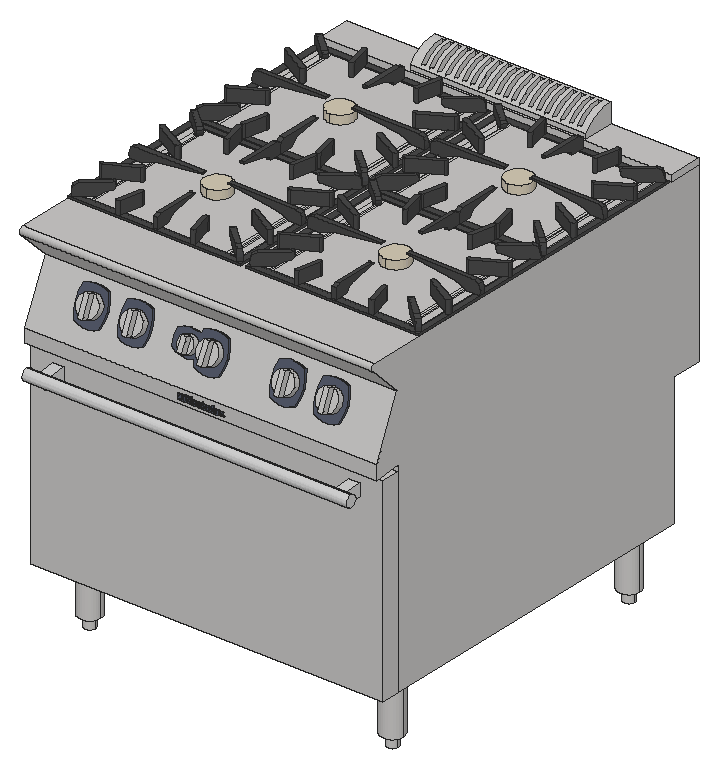
Revit family "QF_ELECTROLUXPROFESSIONAL_391521_E9AAMABBMEE", category Attrezzature speciali, Revit 2018 (continued)
Automatic sketch dimensions
  Extrusion 12 sketch curve to Extrusion 12 sketch curve = 0.137 mm
  Extrusion 12 sketch curve to Extrusion 12 sketch curve = 0.027 mm
  Extrusion 12 sketch curve to Extrusion 12 sketch curve = 2.235 mm
  Extrusion 13 sketch curve to Extrusion 1 = 0 mm
  Extrusion 1 to Extrusion 13 sketch curve = 9.61 mm
  Extrusion 13 sketch curve to Extrusion 1 = 0.775 mm
  Extrusion 1 to Extrusion 13 sketch curve = 0.1 mm
  Extrusion 15 sketch curve to plane 12 = 298.908 mm
  plane 5 "FRONT" to Extrusion 15 sketch curve = 18.336 mm
  Extrusion 15 sketch curve to Extrusion 15 sketch curve = 3.343 mm
  Extrusion 15 sketch curve to Extrusion 15 sketch curve = 2.066 mm
  Extrusion 15 sketch curve to Extrusion 15 sketch curve = 0 mm  (x2)
  Extrusion 15 sketch curve to Extrusion 15 sketch curve = 1.593 mm
  Extrusion 15 sketch curve to Extrusion 15 sketch curve = 5.756 mm
  Extrusion 15 sketch curve to Extrusion 15 sketch curve = 4.906 mm
  Extrusion 15 sketch curve to Extrusion 15 sketch curve = 5.312 mm
  plane 5 "FRONT" to Extrusion 15 sketch curve = 9.206 mm
  Extrusion 15 sketch curve to Extrusion 15 sketch curve = 11.3 mm
  Extrusion 15 sketch curve to Extrusion 15 sketch curve = 28.009 mm
  Extrusion 15 sketch curve to Extrusion 15 sketch curve = 2.83 mm
  Extrusion 16 sketch curve to plane 12 = 298.908 mm
  plane 5 "FRONT" to Extrusion 16 sketch curve = 18.336 mm
  Extrusion 16 sketch curve to Extrusion 16 sketch curve = 3.343 mm
  Extrusion 16 sketch curve to Extrusion 16 sketch curve = 2.066 mm
  Extrusion 16 sketch curve to Extrusion 16 sketch curve = 0 mm  (x2)
  Extrusion 16 sketch curve to Extrusion 16 sketch curve = 1.593 mm
  Extrusion 16 sketch curve to Extrusion 16 sketch curve = 5.756 mm
  Extrusion 16 sketch curve to Extrusion 16 sketch curve = 4.906 mm
  Extrusion 16 sketch curve to Extrusion 16 sketch curve = 5.312 mm
  plane 5 "FRONT" to Extrusion 16 sketch curve = 9.206 mm
  Extrusion 16 sketch curve to Extrusion 16 sketch curve = 11.3 mm
  Extrusion 16 sketch curve to Extrusion 16 sketch curve = 28.009 mm
  Extrusion 16 sketch curve to Extrusion 16 sketch curve = 11.2 mm
  plane 5 "FRONT" to Extrusion 19 sketch curve = 0 mm  (x2)
  plane 1 "BACK" to Extrusion 19 sketch curve = 0 mm
  Extrusion 19 sketch curve to plane 3 "LEFT" = 0 mm
  Extrusion 19 sketch curve to plane 4 "RIGHT" = 0 mm
  Extrusion 19 sketch curve to plane 3 "LEFT" = 100.013 mm
  Extrusion 19 sketch curve to Extrusion 19 sketch curve = 100.013 mm
  Extrusion 19 sketch curve to plane 1 "BACK" = 100.013 mm
  Extrusion 13 to Extrusion 17 sketch curve = 0 mm
  Extrusion 17 sketch curve to Extrusion 13 = 0 mm
  Extrusion 13 to Extrusion 17 sketch curve = 0.002 mm
  Extrusion 13 to Extrusion 17 sketch curve = 9.686 mm
  Extrusion 17 sketch curve to Extrusion 13 = 11.396 mm
  Extrusion 1 sketch curve to plane 5 "FRONT" = 7.973 mm
  Extrusion 1 sketch curve to plane 5 "FRONT" = 13.51 mm
  plane 14 to Extrusion 1 sketch curve = 57.381 mm
  Extrusion 15 sketch curve to plane 5 "FRONT" = 29.472 mm
  Extrusion 16 sketch curve to plane 5 "FRONT" = 29.472 mm
  plane 4 "RIGHT" to Revolve 3 sketch curve = 55.563 mm
  Revolve 3 sketch curve to Revolve 3 sketch curve = 0 mm
  plane 4 "RIGHT" to Revolve 4 sketch curve = 55.562 mm
  Revolve 4 sketch curve to Revolve 4 sketch curve = 0 mm
  Extrusion 9 sketch curve to Extrusion 9 sketch curve = 15.898 mm  (x2)
  plane 3 "LEFT" to Revolve 2 sketch curve = 30.162 mm
  Revolve 2 sketch curve to Revolve 2 sketch curve = 0 mm
  plane 3 "LEFT" to Revolve 5 sketch curve = 55.563 mm
  Revolve 5 sketch curve to Revolve 5 sketch curve = 0 mm
  Revolve 5 sketch curve to Revolve 5 sketch curve = 12.7 mm
  Revolve 5 sketch curve to Revolve 5 sketch curve = 25.4 mm
  Extrusion 9 sketch curve to Extrusion 9 sketch curve = 33.814 mm
  plane 5 "FRONT" to curve 1 = 0 mm
  curve 11 to plane 3 "LEFT" = 0 mm
  curve 8 to plane 4 "RIGHT" = 0 mm
  plane 5 "FRONT" to curve 11 = 0 mm
  curve 1 to plane 3 "LEFT" = 100.013 mm
  plane 4 "RIGHT" to curve 9 = 0.1 mm
  curve 2 to plane 4 "RIGHT" = 100.013 mm
  plane 17 to curve 9 = 0.132 mm
  curve 3 to plane 5 "FRONT" = 0.396 mm
  curve 10 to plane 5 "FRONT" = 1.407 mm
  plane 11 to curve 7 = 4.762 mm
  curve 2 to plane 1 "BACK" = 100.013 mm
  plane 19 to curve 13 = 25.075 mm
  plane 19 to curve 19 = 5.2 mm
  curve 22 to plane 19 = 20.2 mm
  curve 17 to plane 18 = 20.2 mm
  plane 18 to curve 23 = 5.2 mm
  plane 5 "FRONT" to curve 15 = 7.706 mm
  curve 15 to curve 15 = 19.875 mm
  curve 12 to curve 15 = 25.4 mm
  curve 17 to curve 17 = 23.508 mm
  curve 12 to curve 20 = 9.598 mm
  curve 18 to curve 17 = 7.706 mm
  curve 19 to curve 20 = 7.706 mm
  plane 1 "BACK" to curve 24 = 0 mm
  curve 24 to plane 19 = 144 mm
  plane 1 "BACK" to curve 105 = 6.761 mm
  curve 24 to curve 105 = 20.698 mm
  curve 104 to curve 103 = 9.296 mm
  curve 103 to curve 102 = 9.397 mm
  curve 100 to curve 99 = 9.296 mm
  curve 99 to curve 97 = 9.397 mm
  curve 97 to curve 98 = 9.296 mm
  curve 95 to curve 93 = 9.397 mm
  curve 93 to curve 94 = 9.296 mm
  curve 91 to curve 90 = 9.397 mm
  curve 89 to curve 87 = 9.296 mm
  curve 87 to curve 85 = 9.397 mm
  curve 84 to curve 84 = 9.296 mm
  curve 83 to curve 80 = 9.397 mm
  curve 81 to curve 82 = 9.296 mm
  curve 79 to curve 78 = 9.397 mm
  curve 76 to curve 76 = 9.296 mm
  curve 75 to curve 72 = 9.397 mm
  curve 72 to curve 72 = 9.296 mm
  curve 71 to curve 68 = 9.397 mm
  curve 67 to plane 7 "Center Y" = 1.823 mm
  plane 7 "Center Y" to curve 65 = 7.574 mm
  curve 64 to curve 64 = 9.296 mm
  curve 63 to curve 61 = 9.397 mm
  curve 61 to curve 59 = 9.296 mm
  curve 59 to curve 57 = 9.397 mm
  curve 57 to curve 55 = 9.296 mm
  curve 55 to curve 53 = 9.397 mm
  curve 53 to curve 51 = 9.296 mm
  curve 51 to curve 48 = 9.397 mm
  curve 49 to curve 47 = 9.296 mm
  curve 47 to curve 45 = 9.397 mm
  curve 45 to curve 46 = 9.296 mm
  curve 43 to curve 41 = 9.397 mm
  curve 41 to curve 42 = 9.296 mm
  curve 39 to curve 37 = 9.397 mm
  curve 37 to curve 38 = 9.296 mm
  curve 35 to curve 32 = 9.397 mm
  curve 33 to curve 31 = 9.296 mm
  curve 31 to curve 28 = 9.397 mm
  curve 29 to curve 27 = 9.296 mm
  curve 30 to curve 26 = 14.847 mm
  plane 11 to curve 26 = 11.113 mm
  plane 11 to curve 104 = 17.052 mm
  plane 11 to curve 100 = 17.052 mm
  curve 100 to curve 96 = 0 mm
  curve 25 to curve 27 = 5.939 mm
  curve 95 to curve 93 = 0 mm
  curve 31 to curve 28 = 0 mm
  curve 91 to curve 89 = 0 mm
  curve 35 to curve 32 = 0 mm
  curve 87 to curve 85 = 0 mm
  curve 39 to curve 36 = 0 mm
  curve 83 to curve 81 = 0 mm
  curve 43 to curve 40 = 0 mm
  curve 79 to curve 77 = 0 mm
  curve 47 to curve 44 = 0 mm
  curve 75 to curve 73 = 0 mm
  curve 51 to curve 48 = 0 mm
  curve 71 to curve 69 = 0 mm
  curve 55 to curve 52 = 0 mm
  curve 67 to curve 65 = 0 mm
  curve 59 to curve 56 = 0 mm
  plane 1 "BACK" to curve 62 = 6.761 mm
  plane 1 "BACK" to curve 63 = 6.761 mm
  plane 1 "BACK" to curve 58 = 6.761 mm
  plane 1 "BACK" to curve 54 = 6.761 mm
  plane 1 "BACK" to curve 69 = 6.761 mm
  plane 1 "BACK" to curve 71 = 6.761 mm
  plane 1 "BACK" to curve 50 = 6.761 mm
  plane 1 "BACK" to curve 75 = 6.761 mm
  plane 1 "BACK" to curve 46 = 6.761 mm
  plane 1 "BACK" to curve 79 = 6.761 mm
  plane 1 "BACK" to curve 42 = 6.761 mm
  plane 1 "BACK" to curve 38 = 6.761 mm
  plane 1 "BACK" to curve 85 = 6.761 mm
  plane 1 "BACK" to curve 34 = 6.761 mm
  plane 1 "BACK" to curve 89 = 6.761 mm
  plane 1 "BACK" to curve 91 = 6.761 mm
  plane 1 "BACK" to curve 30 = 6.761 mm
  plane 1 "BACK" to curve 95 = 6.761 mm
  plane 1 "BACK" to curve 101 = 6.761 mm
  radius of Extrusion 10 sketch curve = 25.4 mm  (x5)
  radius of Extrusion 10 sketch curve = 19.05 mm
  radius of Extrusion 11 sketch curve to Extrusion 10 = 0 mm  (x6)
  radius of Extrusion 14 sketch curve to Extrusion 16 = 0 mm
  radius of Extrusion 18 sketch curve = 6.4 mm  (x2)
Nested families
  nested 1: "371009_BURNER" at (393.7, -440.488, 0) x (-1, 0, 0) z (0, 0, 1), type "371009_BURNER"
    with Type Mark "", Status "", Specification by User "", Revision Code "", Item Number "", Installed By "", Identify Quantity as Lot yes, Furnished By "", Foodservice Equipment Identifier yes
  nested 2: "371009_BURNER" at (393.7, -440.488, 0) x (-1, 0, 0) z (0, 0, 1), type "371009_BURNER"
    with Type Mark "", Status "", Specification by User "", Revision Code "", Item Number "", Installed By "", Identify Quantity as Lot yes, Furnished By "", Foodservice Equipment Identifier yes
  nested 3: "371009_BURNER" at (406.4, -440.488, 0), type "371009_BURNER"
    with Type Mark "", Status "", Specification by User "", Revision Code "", Item Number "", Installed By "", Identify Quantity as Lot yes, Furnished By "", Foodservice Equipment Identifier yes
  nested 4: "371009_BURNER" at (406.4, -440.488, 0), type "371009_BURNER"
    with Type Mark "", Status "", Specification by User "", Revision Code "", Item Number "", Installed By "", Identify Quantity as Lot yes, Furnished By "", Foodservice Equipment Identifier yes
Connectors
  piping at (749.3, -665.163, 128.587), diameter 12.8
    settings: on Extrusion 18, index 1, connector inside diameter 0.50394", connector length 0 mm, flow factor 0, pipe flow 0 GPM, pressure drop 0.00 psi, fitting loss kfactor 0, connector angle 0.00°, fixture units 0, engagement length 0 mm, angle of deflection 0.00°, flow configuration 1, flow direction 1, fitting loss method 0, system type 7, joint type 0, gender type 0, connector reference index -1, connector utility 0, adjustable connector no, is connector primary yes, connector description "GAS CONNECTION"
Definition of nested family "371009_BURNER"
  Parameters
    Weight in Pounds = 0
    URL Cutsheet = ""
    URL = "www.electrolux.com"
    Type Mark [instance] = ""
    Status [instance] = ""
    Specification by User [instance] = ""
    Specification by Manufacturer = ""
    Show Clearance [instance] = yes
    Serial Number = ""
    Seismic Rating = ""
    SMACNA No = ""
    Revision Code [instance] = ""
    Omniclass Number and Title = ""
    NAFEM Spec ID Number = ""
    Model = "371009"
    Masterspec = ""
    Manufacturer = "ELECTROLUX"
    Item Number [instance] = ""
    Installed By [instance] = ""
    Identify Quantity as Lot [instance] = yes
    Furnished By [instance] = ""
    Foodservice Equipment Identifier [instance] = yes
    Description = ""
    CSI MasterFormat = ""
    CSI Master Format = ""
  Reference planes
    plane 1 "BACK": y = 0
    plane 2: z = 0
    plane 3 "LEFT": x = 0
    plane 4 "RIGHT": x = 393.7
    plane 5 "FRONT": y = -355.6
    plane 6 "TOP": z = 908.85
    plane 7 "Center Y": x = 196.85
    plane 8 "Center X": y = -177.8
    plane 9 "Base": z = 150
    plane 10: z = 850.85
  Forms (mm)
    Extrusion 1, solid
      sketch origin (-6.433, -404.961, 5) x (1, 0, 0) y (0, 0, -1)
        loop
          arc (7.142, -850.85) -> (6.739, -862.989) -> (9.761, -874.752) r 42.809
          line (9.761, -874.752) -> (19.961, -879.425) -> (173.122, -879.425)
          arc (173.122, -879.425) -> (174.316, -878.312) -> (173.289, -877.043) r 1.197
          line (173.289, -877.043) -> (64.848, -864.021)
          arc (64.848, -864.021) -> (50.111, -858.738) -> (36.589, -850.85) r 85.245
          line (36.589, -850.85) -> (7.142, -850.85)
        loop
          line (399.424, -850.85) -> (369.977, -850.85)
          arc (369.977, -850.85) -> (356.455, -858.738) -> (341.718, -864.021) r 85.245
          line (341.718, -864.021) -> (233.277, -877.043)
          arc (233.277, -877.043) -> (232.25, -878.312) -> (233.444, -879.425) r 1.197
          line (233.444, -879.425) -> (386.605, -879.425) -> (396.806, -874.752)
          arc (396.806, -874.752) -> (399.827, -862.989) -> (399.424, -850.85) r 42.809
      from 224.564 to 234.564
    Extrusion 2, solid
      sketch origin (196.85, 175.397, 1219.2) x (0, 1, 0) y (0, 0, 1)
        loop
          line (-204.463, -363.35) -> (-175.397, -363.35) -> (-175.397, -339.506)
          arc (-175.397, -339.506) -> (-181.025, -338.266) -> (-185.611, -334.775) r 13.39
          line (-185.611, -334.775) -> (-278.903, -334.775)
          arc (-278.903, -334.775) -> (-280.097, -335.888) -> (-279.07, -337.157) r 1.197
          line (-279.07, -337.157) -> (-227.151, -347.464)
          arc (-227.151, -347.464) -> (-213.741, -352.457) -> (-204.463, -363.35) r 28.426
        loop
          arc (-496.332, -363.35) -> (-487.053, -352.457) -> (-473.644, -347.464) r 28.426
          line (-473.644, -347.464) -> (-421.725, -337.157)
          arc (-421.725, -337.157) -> (-420.697, -335.888) -> (-421.891, -334.775) r 1.197
          line (-421.891, -334.775) -> (-515.184, -334.775)
          arc (-515.184, -334.775) -> (-519.769, -338.266) -> (-525.397, -339.506) r 13.39
          line (-525.397, -339.506) -> (-525.397, -363.35) -> (-496.332, -363.35)
      from -5 to 5
    Extrusion 3, solid
      sketch origin (-6.433, 367.064, 850.85) x (0, -1, 0) y (1, 0, 0)
        loop
          line (722.664, 6.433) -> (722.664, 400.133) -> (367.064, 400.133) -> (367.064, 6.433) -> (722.664, 6.433)
        loop
          line (382.064, 21.433) -> (707.664, 21.433) -> (707.664, 385.133) -> (382.064, 385.133) -> (382.064, 21.433)
      from 0 to 5
    Extrusion 4, solid
      sketch origin (-18.933, 367.064, 855.85) x (0, -1, 0) y (1, 0, 0)
        loop
          circle (541.667, 215.783) r 30
      from -1.321 to 17.134
    Extrusion 5, solid
      sketch origin (-6.433, -367.064, 0) x (1, 0, 0) y (0, 0, -1)
        loop
          line (21.433, -855.85) -> (36.589, -855.85)
          arc (36.589, -855.85) -> (40.561, -855.243) -> (44.305, -853.783) r 18.259
          arc (44.305, -853.783) -> (45.997, -853.366) -> (47.69, -853.783) r 3.649
          arc (47.69, -853.783) -> (49.901, -854.522) -> (52.232, -854.529) r 7.328
          line (52.232, -854.529) -> (354.334, -854.529)
          arc (354.334, -854.529) -> (356.666, -854.522) -> (358.877, -853.783) r 7.328
          arc (358.877, -853.783) -> (360.569, -853.366) -> (362.261, -853.783) r 3.649
          arc (362.261, -853.783) -> (366.005, -855.243) -> (369.977, -855.85) r 18.259
          line (369.977, -855.85) -> (385.133, -855.85) -> (385.133, -850.85) -> (21.433, -850.85) -> (21.433, -855.85)
      from 26.464 to 352.064
    Extrusion 6, solid
      sketch origin (83.284, -458.334, 5) x (0.742103, 0.670286, 0) y (0, 0, -1)
        loop
          arc (88.629, -864.012) -> (73.909, -858.731) -> (60.402, -850.85) r 85.245
          line (60.402, -850.85) -> (14.993, -850.85)
          arc (14.993, -850.85) -> (14.642, -862.948) -> (17.686, -874.663) r 42.876
          line (17.686, -874.663) -> (27.899, -879.425) -> (89.664, -879.425)
          arc (89.664, -879.425) -> (92.39, -878.352) -> (93.654, -875.709) r 4
          arc (93.654, -875.709) -> (92.562, -869.25) -> (88.629, -864.012) r 13.87
        loop
          arc (457.638, -864.012) -> (453.704, -869.25) -> (452.613, -875.709) r 13.87
          arc (452.613, -875.709) -> (453.876, -878.352) -> (456.603, -879.425) r 4
          line (456.603, -879.425) -> (518.367, -879.425) -> (528.581, -874.663)
          arc (528.581, -874.663) -> (531.624, -862.948) -> (531.273, -850.85) r 42.876
          line (531.273, -850.85) -> (485.865, -850.85)
          arc (485.865, -850.85) -> (472.357, -858.731) -> (457.638, -864.012) r 85.245
      from 127.064 to 137.064
    Extrusion 7, solid
      sketch origin (310.416, -458.334, 5) x (-0.742103, 0.670286, 0) y (0, 0, 1)
        loop
          arc (88.629, 864.012) -> (92.562, 869.25) -> (93.654, 875.709) r 13.87
          arc (93.654, 875.709) -> (92.39, 878.352) -> (89.664, 879.425) r 4
          line (89.664, 879.425) -> (27.899, 879.425) -> (17.686, 874.663)
          arc (17.686, 874.663) -> (14.642, 862.948) -> (14.993, 850.85) r 42.876
          line (14.993, 850.85) -> (60.402, 850.85)
          arc (60.402, 850.85) -> (73.909, 858.731) -> (88.629, 864.012) r 85.245
        loop
          arc (457.638, 864.012) -> (472.357, 858.731) -> (485.865, 850.85) r 85.245
          line (485.865, 850.85) -> (531.273, 850.85)
          arc (531.273, 850.85) -> (531.624, 862.948) -> (528.581, 874.663) r 42.876
          line (528.581, 874.663) -> (518.367, 879.425) -> (456.603, 879.425)
          arc (456.603, 879.425) -> (453.876, 878.352) -> (452.613, 875.709) r 4
          arc (452.613, 875.709) -> (453.704, 869.25) -> (457.638, 864.012) r 13.87
      from 127.064 to 137.064
    Extrusion 8, solid
      sketch origin (-6.433, 367.064, 855.85) x (0, -1, 0) y (1, 0, 0)
        loop
          arc (626.166, 9.428) -> (632.956, 7.454) -> (634.93, 14.244) r 5
          line (634.93, 14.244) -> (600.514, 76.878)
          arc (600.514, 76.878) -> (593.724, 78.852) -> (591.75, 72.062) r 5
          line (591.75, 72.062) -> (626.166, 9.428)
        loop
          line (463.562, 9.428) -> (497.977, 72.062)
          arc (497.977, 72.062) -> (496.003, 78.852) -> (489.213, 76.878) r 5
          line (489.213, 76.878) -> (454.798, 14.244)
          arc (454.798, 14.244) -> (456.772, 7.454) -> (463.562, 9.428) r 5
        loop
          line (626.166, 397.138) -> (591.75, 334.504)
          arc (591.75, 334.504) -> (593.724, 327.714) -> (600.514, 329.689) r 5
          line (600.514, 329.689) -> (634.93, 392.323)
          arc (634.93, 392.323) -> (632.956, 399.113) -> (626.166, 397.138) r 5
        loop
          arc (463.562, 397.138) -> (456.772, 399.113) -> (454.798, 392.323) r 5
          line (454.798, 392.323) -> (489.213, 329.689)
          arc (489.213, 329.689) -> (496.003, 327.714) -> (497.977, 334.504) r 5
          line (497.977, 334.504) -> (463.562, 397.138)
        loop
          line (715.14, 293.499) -> (666.703, 282.317)
          arc (666.703, 282.317) -> (662.956, 276.32) -> (668.953, 272.573) r 5
          line (668.953, 272.573) -> (717.389, 283.756)
          arc (717.389, 283.756) -> (721.136, 289.752) -> (715.14, 293.499) r 5
        loop
          arc (715.14, 113.067) -> (721.136, 116.814) -> (717.389, 122.811) r 5
          line (717.389, 122.811) -> (668.953, 133.993)
          arc (668.953, 133.993) -> (662.956, 130.246) -> (666.703, 124.249) r 5
          line (666.703, 124.249) -> (715.14, 113.067)
        loop
          arc (374.588, 293.499) -> (368.591, 289.752) -> (372.338, 283.756) r 5
          line (372.338, 283.756) -> (420.775, 272.573)
          arc (420.775, 272.573) -> (426.771, 276.32) -> (423.024, 282.317) r 5
          line (423.024, 282.317) -> (374.588, 293.499)
        loop
          line (374.588, 113.067) -> (423.024, 124.249)
          arc (423.024, 124.249) -> (426.771, 130.246) -> (420.775, 133.993) r 5
          line (420.775, 133.993) -> (372.338, 122.811)
          arc (372.338, 122.811) -> (368.591, 116.814) -> (374.588, 113.067) r 5
      from 0 to 28.575
  Lines and regions (mm)
    symbolic lines
      curve 1: line (0, -355.6, 150) -> (393.7, -355.6, 150)
      curve 2: line (0, 0, 150) -> (0, -355.6, 150)
      curve 3: line (393.7, -355.6, 150) -> (393.7, 0, 150)
      curve 4: line (369.633, -15, 150) -> (285.34, -15, 150)
      curve 5: line (24.067, -340.6, 150) -> (108.36, -340.6, 150)
      curve 6: line (157.475, -170.397, 150) -> (157.475, -15, 150)
      curve 7: line (236.225, -170.397, 150) -> (236.225, -15, 150)
      curve 8: line (201.85, -350, 150) -> (201.85, -176.674, 150)
      curve 9: line (0, -180.397, 150) -> (167.224, -180.397, 150)
      curve 10: line (393.7, -170.397, 150) -> (228.275, -170.397, 150)
      curve 11: line (15, -180.397, 150) -> (15, -252.506, 150)
      curve 12: line (45.799, -340.6, 150) -> (45.799, -320.971, 150)
      curve 13: line (167.224, -170.397, 150) -> (0, -170.397, 150)
      curve 14: line (228.275, -180.504, 150) -> (393.7, -180.504, 150)
      curve 15: arc (228.275, -170.397, 150) -> (223.221, -175.45, 150) -> (228.275, -180.504, 150) r 5.054
      curve 16: arc (167.224, -170.397, 150) -> (172.224, -175.397, 150) -> (167.224, -180.397, 150) r 5
      curve 17: line (191.85, -176.674, 150) -> (191.85, -350, 150)
      curve 18: line (201.85, -134.556, 150) -> (201.85, -0.794, 150)
      curve 19: arc (201.85, -176.674, 150) -> (196.85, -171.674, 150) -> (191.85, -176.674, 150) r 5
      curve 20: arc (201.85, -134.556, 150) -> (196.85, -139.556, 150) -> (191.85, -134.556, 150) r 5
      curve 21: line (191.85, -15, 150) -> (118.623, -15, 150)
      curve 22: arc (201.85, -29.042, 150) -> (213.272, -50.008, 150) -> (201.85, -70.973, 150) r 24.953
      curve 23: arc (213.086, -53.048, 150) -> (214.5, -50.008, 150) -> (213.086, -46.967, 150) r 3.975
      curve 24: arc (191.85, -29.852, 150) -> (181.339, -50.008, 150) -> (191.85, -70.163, 150) r 24.58
      curve 25: arc (181.527, -53.042, 150) -> (179.976, -50.008, 150) -> (181.527, -46.973, 150) r 3.745
      curve 26: line (191.85, -0.794, 150) -> (191.85, -134.556, 150)
      curve 27: line (191.85, -350, 150) -> (201.85, -350, 150)
      curve 28: line (191.85, -11.007, 150) -> (201.85, -11.007, 150)
      curve 29: line (191.85, -0.794, 150) -> (201.85, -0.794, 150)
      curve 30: line (201.85, -340.6, 150) -> (275.077, -340.6, 150)
      curve 31: arc (196.85, -145.397, 0) -> (166.955, -172.888, 0) -> (191.85, -204.977, 0) r 30
      curve 32: arc (201.85, -204.977, 0) -> (226.745, -172.888, 0) -> (196.85, -145.397, 0) r 30
      curve 33: arc (158.678, -180.397, 0) -> (170.734, -200.207, 0) -> (191.85, -209.795, 0) r 39.375
      curve 34: line (163.825, -170.397, 150) -> (163.825, -15, 150)
      curve 35: line (229.875, -170.397, 150) -> (229.875, -15, 150)
      curve 36: line (144.775, -170.397, 150) -> (144.775, -15, 150)
      curve 37: line (248.925, -170.397, 150) -> (248.925, -15, 150)
      curve 38: arc (145.678, -180.397, 0) -> (161.728, -209.187, 0) -> (191.85, -222.573, 0) r 52.075
      curve 39: arc (201.85, -209.795, 0) -> (222.966, -200.207, 0) -> (235.022, -180.397, 0) r 39.375
      curve 40: arc (201.85, -222.573, 0) -> (231.931, -209.224, 0) -> (248.001, -180.504, 0) r 52.075
      curve 41: line (393.7, 0, 0) -> (0, 0, 0)
      curve 42: line (70.445, -122.149, 0) -> (7.81, -87.734, 0)
      curve 43: arc (7.81, -87.734, 0) -> (1.021, -89.708, 0) -> (2.995, -96.498, 0) r 5
      curve 44: line (2.995, -96.498, 0) -> (65.629, -130.914, 0)
      curve 45: arc (65.629, -130.914, 0) -> (72.419, -128.939, 0) -> (70.445, -122.149, 0) r 5
      curve 46: line (65.629, -224.686, 0) -> (2.995, -259.102, 0)
      curve 47: arc (2.995, -259.102, 0) -> (1.021, -265.892, 0) -> (7.81, -267.866, 0) r 5
      curve 48: line (7.81, -267.866, 0) -> (70.445, -233.451, 0)
      curve 49: arc (70.445, -233.451, 0) -> (72.419, -226.661, 0) -> (65.629, -224.686, 0) r 5
      curve 50: line (323.255, -122.149, 0) -> (385.89, -87.734, 0)
      curve 51: arc (385.89, -87.734, 0) -> (392.679, -89.708, 0) -> (390.705, -96.498, 0) r 5
      curve 52: line (390.705, -96.498, 0) -> (328.071, -130.914, 0)
      curve 53: arc (328.071, -130.914, 0) -> (321.281, -128.939, 0) -> (323.255, -122.149, 0) r 5
      curve 54: line (328.071, -224.686, 0) -> (390.705, -259.102, 0)
      curve 55: arc (390.705, -259.102, 0) -> (392.679, -265.892, 0) -> (385.89, -267.866, 0) r 5
      curve 56: line (385.89, -267.866, 0) -> (323.255, -233.451, 0)
      curve 57: arc (323.255, -233.451, 0) -> (321.281, -226.661, 0) -> (328.071, -224.686, 0) r 5
      curve 58: line (118.623, -340.6, 150) -> (191.85, -340.6, 150)
      curve 59: line (285.34, -340.6, 150) -> (369.633, -340.6, 150)
      curve 60: line (378.7, -335.314, 0) -> (378.7, -263.916, 0)
      curve 61: line (1.326, -7.935, 0) -> (58.752, -59.804, 0)
      curve 62: line (65.455, -52.383, 0) -> (8.029, -0.514, 0)
      curve 63: arc (58.752, -59.804, 0) -> (65.814, -59.445, 0) -> (65.455, -52.383, 0) r 5
      curve 64: line (1.326, -7.935, 0) -> (8.029, -0.514, 0)
      curve 65: line (392.374, -7.935, 0) -> (334.948, -59.804, 0)
      curve 66: line (328.245, -52.383, 0) -> (385.671, -0.514, 0)
      curve 67: arc (334.948, -59.804, 0) -> (327.886, -59.445, 0) -> (328.245, -52.383, 0) r 5
      curve 68: line (392.374, -7.935, 0) -> (385.671, -0.514, 0)
      curve 69: line (392.374, -347.665, 0) -> (334.948, -295.796, 0)
      curve 70: line (328.245, -303.217, 0) -> (385.671, -355.086, 0)
      curve 71: arc (334.948, -295.796, 0) -> (327.886, -296.155, 0) -> (328.245, -303.217, 0) r 5
      curve 72: line (392.374, -347.665, 0) -> (385.671, -355.086, 0)
      curve 73: line (1.326, -347.665, 0) -> (58.752, -295.796, 0)
      curve 74: line (65.455, -303.217, 0) -> (8.029, -355.086, 0)
      curve 75: arc (58.752, -295.796, 0) -> (65.814, -296.155, 0) -> (65.455, -303.217, 0) r 5
      curve 76: line (1.326, -347.665, 0) -> (8.029, -355.086, 0)
      curve 77: line (347.901, -15, 0) -> (347.901, -34.629, 0)
      curve 78: line (347.901, -320.971, 0) -> (347.901, -340.6, 0)
      curve 79: line (378.7, -252.506, 0) -> (378.7, -180.397, 0)
      curve 80: line (347.901, -246.993, 0) -> (347.901, -307.496, 0)
      curve 81: line (378.7, -170.397, 0) -> (378.7, -103.094, 0)
      curve 82: line (347.901, -180.397, 0) -> (347.901, -235.582, 0)
      curve 83: line (378.7, -91.684, 0) -> (378.7, -20.286, 0)
      curve 84: line (347.901, -120.018, 0) -> (347.901, -170.397, 0)
      curve 85: line (347.901, -48.104, 0) -> (347.901, -108.607, 0)
      curve 86: line (275.077, -15, 150) -> (201.85, -15, 150)
      curve 87: line (108.36, -15, 150) -> (24.067, -15, 150)
      curve 88: line (45.799, -40, 150) -> (45.799, -15, 150)
      curve 89: line (45.799, -108.607, 150) -> (45.799, -40, 150)
      curve 90: line (15, -20.286, 0) -> (15, -91.684, 0)
      curve 91: line (15, -103.094, 0) -> (15, -170.397, 0)
      curve 92: line (45.799, -170.397, 150) -> (45.799, -120.018, 150)
      curve 93: line (45.799, -235.582, 150) -> (45.799, -180.397, 150)
      curve 94: line (15, -263.916, 150) -> (15, -335.314, 150)
      curve 95: line (45.799, -307.496, 150) -> (45.799, -246.993, 150)
      curve 96: line (116.378, -350.325, 0) -> (127.56, -301.889, 0)
      curve 97: arc (127.56, -301.889, 0) -> (123.813, -295.892, 0) -> (117.816, -299.64, 0) r 5
      curve 98: line (117.816, -299.64, 0) -> (106.634, -348.076, 0)
      curve 99: arc (106.634, -348.076, 0) -> (110.381, -354.072, 0) -> (116.378, -350.325, 0) r 5
      curve 100: line (266.14, -301.889, 0) -> (277.322, -350.325, 0)
      curve 101: arc (277.322, -350.325, 0) -> (283.319, -354.072, 0) -> (287.066, -348.076, 0) r 5
      curve 102: line (287.066, -348.076, 0) -> (275.884, -299.64, 0)
      curve 103: arc (275.884, -299.64, 0) -> (269.887, -295.892, 0) -> (266.14, -301.889, 0) r 5
      curve 104: line (275.884, -55.96, 0) -> (287.066, -7.524, 0)
      curve 105: arc (287.066, -7.524, 0) -> (283.319, -1.528, 0) -> (277.322, -5.275, 0) r 5
      curve 106: line (277.322, -5.275, 0) -> (266.14, -53.711, 0)
      curve 107: arc (266.14, -53.711, 0) -> (269.887, -59.708, 0) -> (275.884, -55.96, 0) r 5
      curve 108: line (127.56, -53.711, 0) -> (116.378, -5.275, 0)
      curve 109: arc (116.378, -5.275, 0) -> (110.381, -1.528, 0) -> (106.634, -7.524, 0) r 5
      curve 110: line (106.634, -7.524, 0) -> (117.816, -55.96, 0)
      curve 111: arc (117.816, -55.96, 0) -> (123.813, -59.708, 0) -> (127.56, -53.711, 0) r 5
  Dimensions and locks
    equal spacing: plane 3 "LEFT", plane 7 "Center Y", plane 4 "RIGHT"
    plane 3 "LEFT" to plane 4 "RIGHT" = 393.7 mm
    equal spacing: plane 5 "FRONT", plane 8 "Center X", plane 1 "BACK"
    plane 5 "FRONT" to plane 1 "BACK" = 355.6 mm
    plane 6 "TOP" to level = 908.85 mm
    plane 9 "Base" to level = 150 mm
    plane 6 "TOP" to plane 10 = 58 mm  (x2)
    locked: Extrusion 4 sketch curve to plane 7 "Center Y" at 0
    aligned and locked: level to plane 2
  Automatic sketch dimensions
    curve 10 to plane 4 "RIGHT" = 0 mm
    curve 20 to plane 7 "Center Y" = 0 mm
    curve 19 to plane 7 "Center Y" = 0 mm
    curve 9 to plane 3 "LEFT" = 0 mm
    plane 1 "BACK" to curve 2 = 0 mm
    plane 1 "BACK" to curve 3 = 0 mm
    plane 5 "FRONT" to curve 2 = 0 mm
    curve 4 to plane 4 "RIGHT" = 24.067 mm
    curve 59 to plane 4 "RIGHT" = 24.067 mm
    plane 1 "BACK" to curve 37 = 15 mm
    plane 7 "Center Y" to curve 37 = 52.075 mm
    curve 37 to curve 7 = 12.7 mm
    curve 7 to curve 35 = 6.35 mm
    plane 8 "Center X" to curve 15 = 2.35 mm
    curve 35 to curve 15 = 1.6 mm
    plane 7 "Center Y" to curve 23 = 16.236 mm
    curve 23 to curve 23 = 0 mm
    curve 23 to curve 23 = 2.56 mm
    curve 23 to curve 24 = 4.607 mm
    plane 7 "Center Y" to curve 86 = 5 mm
    plane 7 "Center Y" to curve 27 = 5 mm
    curve 22 to plane 7 "Center Y" = 8.531 mm
    curve 22 to curve 25 = 4.597 mm
    curve 25 to curve 25 = 2.194 mm  (x2)
    curve 9 to plane 8 "Center X" = 2.597 mm
    curve 17 to curve 9 = 24.626 mm
    curve 21 to curve 34 = 28.025 mm
    curve 34 to curve 6 = 6.35 mm
    plane 8 "Center X" to curve 36 = 7.403 mm
    curve 6 to curve 36 = 12.7 mm
    plane 3 "LEFT" to curve 12 = 45.799 mm
    plane 3 "LEFT" to curve 87 = 24.067 mm
    plane 3 "LEFT" to curve 5 = 24.067 mm
    plane 1 "BACK" to curve 26 = 0.794 mm
    curve 28 to curve 86 = 3.993 mm
    curve 28 to curve 21 = 3.993 mm
    curve 86 to curve 22 = 14.042 mm
    curve 22 to curve 24 = 0.81 mm
    curve 22 to curve 23 = 17.925 mm
    curve 25 to curve 22 = 3.035 mm
    plane 8 "Center X" to curve 26 = 43.244 mm
    curve 15 to curve 15 = 5.054 mm
    plane 8 "Center X" to curve 17 = 1.126 mm
    curve 94 to curve 12 = 5.286 mm
    curve 58 to plane 5 "FRONT" = 15 mm
    curve 59 to plane 5 "FRONT" = 15 mm
    curve 8 to plane 5 "FRONT" = 5.6 mm
    plane 3 "LEFT" to Extrusion 1 sketch curve = 0.709 mm
    plane 3 "LEFT" to Extrusion 1 sketch curve = 3.327 mm
    Extrusion 1 sketch curve to Extrusion 1 sketch curve = 10.201 mm
    plane 10 to Extrusion 1 sketch curve = 5 mm  (x2)
    Extrusion 1 sketch curve to Extrusion 1 sketch curve = 29.447 mm
    Extrusion 1 sketch curve to Extrusion 1 sketch curve = 12.704 mm  (x2)
    Extrusion 1 sketch curve to Extrusion 1 sketch curve = 15.555 mm  (x2)
    plane 3 "LEFT" to Extrusion 1 sketch curve = 79.689 mm
    Extrusion 1 sketch curve to plane 7 "Center Y" = 30.161 mm
    Extrusion 1 sketch curve to Extrusion 1 sketch curve = 0.167 mm  (x2)
    plane 7 "Center Y" to Extrusion 1 sketch curve = 29.994 mm
    Extrusion 1 sketch curve to plane 4 "RIGHT" = 79.689 mm
    plane 10 to Extrusion 1 sketch curve = 18.171 mm
    Extrusion 1 sketch curve to plane 4 "RIGHT" = 58.415 mm
    Extrusion 1 sketch curve to plane 4 "RIGHT" = 13.528 mm
    Extrusion 1 sketch curve to plane 4 "RIGHT" = 3.327 mm
    Extrusion 1 sketch curve to plane 4 "RIGHT" = 0.709 mm
    Extrusion 1 sketch curve to Extrusion 1 sketch curve = 23.902 mm  (x2)
    Extrusion 1 sketch curve to plane 6 "TOP" = 26.807 mm  (x2)
    Extrusion 1 sketch curve to Extrusion 1 sketch curve = 1.185 mm  (x2)
    Extrusion 1 sketch curve to Extrusion 1 sketch curve = 5.694 mm
    Extrusion 2 sketch curve to plane 1 "BACK" = 0 mm
    plane 1 "BACK" to Extrusion 2 sketch curve = 10.213 mm
    plane 10 to Extrusion 2 sketch curve = 5 mm  (x2)
    plane 1 "BACK" to Extrusion 2 sketch curve = 29.066 mm
    plane 10 to Extrusion 2 sketch curve = 20.886 mm
    Extrusion 2 sketch curve to Extrusion 2 sketch curve = 22.688 mm  (x2)
    Extrusion 2 sketch curve to plane 10 = 7.392 mm  (x2)
    Extrusion 2 sketch curve to plane 6 "TOP" = 24.425 mm
    Extrusion 2 sketch curve to Extrusion 2 sketch curve = 51.752 mm
    Extrusion 2 sketch curve to plane 6 "TOP" = 26.807 mm  (x2)
    Extrusion 2 sketch curve to Extrusion 2 sketch curve = 0.167 mm  (x2)
    Extrusion 2 sketch curve to plane 8 "Center X" = 68.528 mm
    Extrusion 2 sketch curve to plane 5 "FRONT" = 60.248 mm
    Extrusion 2 sketch curve to Extrusion 2 sketch curve = 2.895 mm
    Extrusion 2 sketch curve to plane 5 "FRONT" = 15.813 mm
    Extrusion 2 sketch curve to plane 5 "FRONT" = 5.6 mm
    Extrusion 2 sketch curve to Extrusion 2 sketch curve = 4.731 mm
    Extrusion 2 sketch curve to Extrusion 2 sketch curve = 23.844 mm
    Extrusion 2 sketch curve to Extrusion 2 sketch curve = 1.185 mm
    plane 1 "BACK" to Extrusion 3 sketch curve = 0 mm
    Extrusion 3 sketch curve to plane 3 "LEFT" = 0 mm
    plane 5 "FRONT" to Extrusion 3 sketch curve = 0 mm
    Extrusion 3 sketch curve to plane 4 "RIGHT" = 0 mm
    plane 1 "BACK" to Extrusion 3 sketch curve = 15 mm
    Extrusion 3 sketch curve to plane 5 "FRONT" = 15 mm
    plane 3 "LEFT" to Extrusion 3 sketch curve = 15 mm
    Extrusion 3 sketch curve to plane 4 "RIGHT" = 15 mm
    Extrusion 3 to Extrusion 4 sketch curve = 159.603 mm
    Extrusion 5 sketch curve to plane 10 = 0 mm
    plane 3 "LEFT" to Extrusion 5 sketch curve = 15 mm
    Extrusion 5 sketch curve to Extrusion 5 sketch curve = 14.402 mm
    plane 10 to Extrusion 5 sketch curve = 5 mm
    Extrusion 5 sketch curve to Extrusion 5 sketch curve = 15.156 mm
    plane 10 to Extrusion 5 sketch curve = 2.933 mm  (x3)
    Extrusion 5 sketch curve to Extrusion 5 sketch curve = 7.716 mm  (x2)
    Extrusion 5 sketch curve to Extrusion 5 sketch curve = 0 mm  (x3)
    Extrusion 5 sketch curve to Extrusion 5 sketch curve = 1.692 mm  (x2)
    Extrusion 5 sketch curve to Extrusion 5 sketch curve = 3.385 mm  (x2)
    Extrusion 5 sketch curve to plane 10 = 3.559 mm  (x2)
    plane 10 to Extrusion 5 sketch curve = 3.679 mm
    Extrusion 5 sketch curve to plane 4 "RIGHT" = 45.799 mm
    Extrusion 5 sketch curve to Extrusion 5 sketch curve = 1.143 mm
    Extrusion 5 sketch curve to plane 10 = 13.244 mm
    Extrusion 5 sketch curve to plane 4 "RIGHT" = 15 mm
    plane 10 to Extrusion 6 sketch curve = 5 mm  (x2)
    Extrusion 6 sketch curve to Extrusion 6 sketch curve = 2.692 mm  (x2)
    Extrusion 6 sketch curve to Extrusion 6 sketch curve = 10.213 mm  (x2)
    plane 10 to Extrusion 6 sketch curve = 12.281 mm
    Extrusion 6 sketch curve to Extrusion 6 sketch curve = 29.348 mm  (x2)
    Extrusion 6 sketch curve to Extrusion 6 sketch curve = 3.155 mm  (x2)
    Extrusion 6 sketch curve to Extrusion 6 sketch curve = 22.572 mm
    Extrusion 6 sketch curve to Extrusion 6 sketch curve = 8.81 mm
    Extrusion 6 sketch curve to Extrusion 6 sketch curve = 9.845 mm  (x2)
    Extrusion 6 sketch curve to Extrusion 6 sketch curve = 3.99 mm  (x2)
    Extrusion 6 sketch curve to Extrusion 6 sketch curve = 0 mm  (x2)
    Extrusion 6 sketch curve to Extrusion 6 sketch curve = 49.533 mm
    Extrusion 6 sketch curve to plane 10 = 64.377 mm
    Extrusion 6 sketch curve to Extrusion 6 sketch curve = 326.397 mm
    Extrusion 6 sketch curve to plane 6 "TOP" = 28.141 mm
    Extrusion 6 sketch curve to Extrusion 6 sketch curve = 16.281 mm
    Extrusion 6 sketch curve to Extrusion 6 sketch curve = 1.035 mm
    Extrusion 6 sketch curve to Extrusion 6 sketch curve = 19.417 mm
    Extrusion 6 sketch curve to Extrusion 6 sketch curve = 4.763 mm  (x2)
    Extrusion 6 sketch curve to Extrusion 6 sketch curve = 3.716 mm
    plane 10 to Extrusion 7 sketch curve = 5 mm  (x2)
    Extrusion 7 sketch curve to Extrusion 7 sketch curve = 2.692 mm  (x2)
    Extrusion 7 sketch curve to Extrusion 7 sketch curve = 10.213 mm  (x2)
    plane 10 to Extrusion 7 sketch curve = 12.281 mm
    Extrusion 7 sketch curve to Extrusion 7 sketch curve = 29.348 mm  (x2)
    Extrusion 7 sketch curve to Extrusion 7 sketch curve = 3.155 mm  (x2)
    Extrusion 7 sketch curve to Extrusion 7 sketch curve = 22.572 mm
    Extrusion 7 sketch curve to Extrusion 7 sketch curve = 8.81 mm
    Extrusion 7 sketch curve to Extrusion 7 sketch curve = 9.845 mm  (x2)
    Extrusion 7 sketch curve to Extrusion 7 sketch curve = 3.99 mm  (x2)
    Extrusion 7 sketch curve to Extrusion 7 sketch curve = 0 mm  (x2)
    Extrusion 7 sketch curve to Extrusion 7 sketch curve = 21.306 mm
    Extrusion 7 sketch curve to plane 10 = 64.377 mm  (x2)
    Extrusion 7 sketch curve to Extrusion 7 sketch curve = 326.397 mm
    Extrusion 7 sketch curve to plane 6 "TOP" = 28.141 mm
    Extrusion 7 sketch curve to Extrusion 7 sketch curve = 16.281 mm
    Extrusion 7 sketch curve to Extrusion 7 sketch curve = 1.035 mm
    Extrusion 7 sketch curve to Extrusion 7 sketch curve = 19.417 mm
    Extrusion 7 sketch curve to Extrusion 7 sketch curve = 7.281 mm
    Extrusion 7 sketch curve to Extrusion 7 sketch curve = 10.713 mm
    curve 58 to curve 12 = 72.824 mm
    curve 30 to curve 30 = 73.227 mm
    curve 58 to curve 5 = 10.263 mm
    curve 5 to curve 58 = 0 mm
    curve 59 to curve 30 = 10.263 mm
    curve 30 to curve 8 = 9.4 mm
    curve 31 to curve 32 = 0 mm
    curve 33 to curve 38 = 0 mm  (x2)
    curve 33 to curve 39 = 0 mm  (x2)
    curve 33 to curve 40 = 0 mm  (x2)
    plane 1 "BACK" to curve 41 = 0 mm
    curve 41 to plane 3 "LEFT" = 0 mm
    curve 31 to plane 7 "Center Y" = 0 mm
    curve 33 to plane 7 "Center Y" = 0 mm
    curve 41 to plane 4 "RIGHT" = 0 mm
    plane 3 "LEFT" to curve 76 = 1.326 mm
    plane 3 "LEFT" to curve 64 = 1.326 mm
    plane 3 "LEFT" to curve 44 = 2.995 mm
    plane 3 "LEFT" to curve 46 = 2.995 mm
    curve 43 to curve 43 = 2.408 mm
    curve 46 to curve 47 = 2.408 mm
    curve 47 to curve 47 = 2.408 mm
    curve 43 to curve 42 = 2.408 mm
    curve 76 to plane 5 "FRONT" = 0.514 mm
    plane 3 "LEFT" to curve 76 = 8.029 mm
    plane 1 "BACK" to curve 62 = 0.514 mm
    plane 3 "LEFT" to curve 62 = 8.029 mm
    curve 48 to curve 75 = 50.941 mm
    curve 43 to curve 63 = 50.941 mm
    curve 75 to curve 75 = 3.351 mm
    curve 63 to curve 63 = 3.351 mm
    plane 1 "BACK" to curve 62 = 52.383 mm
    curve 63 to curve 62 = 3.351 mm
    curve 74 to plane 5 "FRONT" = 52.383 mm
    curve 75 to curve 74 = 3.351 mm
    plane 3 "LEFT" to curve 46 = 65.629 mm
    plane 3 "LEFT" to curve 44 = 65.629 mm
    curve 45 to curve 45 = 2.408 mm
    curve 46 to curve 49 = 2.408 mm
    curve 49 to curve 48 = 2.408 mm
    curve 45 to curve 42 = 2.408 mm
    curve 38 to plane 8 "Center X" = 2.597 mm
    curve 38 to plane 7 "Center Y" = 51.172 mm
    curve 33 to plane 8 "Center X" = 2.597 mm
    curve 38 to curve 33 = 12.999 mm
    curve 33 to plane 7 "Center Y" = 5 mm
    curve 38 to plane 7 "Center Y" = 5 mm
    curve 31 to curve 33 = 0 mm
    plane 7 "Center Y" to curve 32 = 5 mm
    plane 7 "Center Y" to curve 40 = 5 mm
    curve 39 to curve 32 = 0 mm
    curve 39 to plane 8 "Center X" = 2.597 mm
    plane 7 "Center Y" to curve 39 = 38.172 mm
    curve 40 to plane 8 "Center X" = 2.704 mm
    curve 39 to curve 40 = 12.979 mm
    curve 50 to plane 4 "RIGHT" = 70.445 mm
    curve 57 to plane 4 "RIGHT" = 70.445 mm
    curve 50 to curve 53 = 2.408 mm
    curve 57 to curve 57 = 2.408 mm  (x2)
    curve 53 to curve 53 = 2.408 mm
    curve 71 to curve 71 = 3.351 mm
    curve 67 to curve 67 = 3.351 mm
    curve 71 to curve 69 = 3.351 mm
    curve 67 to curve 65 = 3.351 mm
    curve 60 to plane 4 "RIGHT" = 15 mm
    curve 72 to plane 5 "FRONT" = 0.514 mm
    curve 72 to plane 4 "RIGHT" = 8.029 mm
    plane 1 "BACK" to curve 68 = 0.514 mm
    curve 68 to plane 4 "RIGHT" = 8.029 mm
    curve 50 to plane 4 "RIGHT" = 7.81 mm
    curve 55 to plane 4 "RIGHT" = 7.81 mm
    curve 55 to curve 55 = 2.408 mm
    curve 50 to curve 51 = 2.408 mm
    curve 55 to plane 4 "RIGHT" = 2.995 mm
    curve 51 to plane 4 "RIGHT" = 2.995 mm
    curve 69 to plane 4 "RIGHT" = 1.326 mm
    curve 65 to plane 4 "RIGHT" = 1.326 mm
    curve 72 to plane 5 "FRONT" = 7.935 mm
    curve 60 to plane 5 "FRONT" = 20.286 mm
    curve 71 to curve 56 = 27.93 mm
    curve 73 to curve 48 = 27.93 mm
    curve 47 to curve 47 = 4.382 mm
    curve 55 to curve 55 = 4.382 mm
    curve 56 to plane 8 "Center X" = 55.651 mm
    curve 48 to plane 8 "Center X" = 55.651 mm
    curve 57 to curve 57 = 4.382 mm
    curve 49 to curve 49 = 4.382 mm
    curve 40 to plane 8 "Center X" = 44.773 mm
    curve 39 to curve 32 = 4.818 mm
    plane 8 "Center X" to curve 31 = 2.403 mm
    plane 8 "Center X" to curve 45 = 46.886 mm
    plane 8 "Center X" to curve 52 = 46.886 mm
    curve 53 to curve 53 = 4.382 mm
    curve 45 to curve 45 = 4.382 mm
    curve 53 to curve 52 = 34.416 mm
    curve 44 to curve 61 = 36.694 mm
    curve 43 to curve 43 = 4.382 mm
    curve 51 to curve 51 = 4.382 mm
    curve 51 to curve 65 = 27.93 mm
    plane 1 "BACK" to curve 83 = 20.286 mm
    plane 1 "BACK" to curve 88 = 15 mm
    plane 1 "BACK" to curve 77 = 15 mm
    curve 77 to curve 83 = 30.799 mm
    curve 78 to plane 5 "FRONT" = 15 mm
    curve 80 to curve 71 = 7.989 mm
    curve 78 to curve 60 = 30.799 mm
    curve 78 to curve 80 = 13.475 mm
    curve 55 to curve 79 = 10.979 mm
    curve 82 to curve 57 = 6.514 mm
    curve 80 to curve 78 = 0 mm
    curve 80 to curve 82 = 11.41 mm
    curve 77 to curve 66 = 37.77 mm
    curve 60 to curve 79 = 11.41 mm
    plane 8 "Center X" to curve 81 = 7.403 mm
    plane 8 "Center X" to curve 84 = 7.403 mm
    curve 82 to plane 8 "Center X" = 2.597 mm
    curve 82 to curve 84 = 0 mm
    curve 79 to plane 8 "Center X" = 2.597 mm
    curve 79 to curve 81 = 0 mm
    curve 81 to curve 51 = 10.979 mm
    curve 53 to curve 85 = 17.924 mm
    curve 84 to curve 81 = 30.799 mm
    curve 84 to curve 85 = 11.41 mm
    curve 52 to curve 84 = 19.83 mm
    curve 81 to curve 83 = 11.41 mm
    curve 67 to curve 85 = 7.989 mm
    curve 85 to curve 77 = 0 mm
    curve 85 to curve 77 = 13.475 mm
    curve 86 to curve 37 = 26.152 mm
    curve 4 to curve 86 = 10.263 mm
    curve 86 to curve 4 = 0 mm
    curve 36 to curve 21 = 26.152 mm
    curve 88 to curve 88 = 25 mm
    plane 8 "Center X" to curve 89 = 69.193 mm
    curve 43 to curve 90 = 9.597 mm
    curve 43 to curve 90 = 0.432 mm
    plane 1 "BACK" to curve 90 = 20.286 mm
    curve 93 to plane 8 "Center X" = 2.597 mm
    plane 8 "Center X" to curve 91 = 7.403 mm
    curve 95 to plane 8 "Center X" = 69.193 mm
    curve 93 to curve 94 = 28.333 mm
    curve 95 to curve 12 = 33.104 mm
    curve 21 to curve 87 = 10.263 mm
    curve 87 to curve 21 = 0 mm
    curve 91 to curve 90 = 11.41 mm
    curve 89 to curve 87 = 21.732 mm
    curve 89 to curve 92 = 11.41 mm
    curve 92 to curve 89 = 0 mm
    plane 8 "Center X" to curve 92 = 7.403 mm
    curve 91 to curve 90 = 0 mm
    curve 93 to curve 95 = 0 mm
    curve 93 to curve 95 = 11.41 mm
    curve 11 to curve 94 = 0 mm
    curve 11 to curve 94 = 11.41 mm
    curve 95 to curve 11 = 30.799 mm
    curve 95 to curve 12 = 13.475 mm
    plane 3 "LEFT" to curve 95 = 45.799 mm
    curve 95 to curve 5 = 33.104 mm
    Extrusion 8 sketch curve to Extrusion 3 = 5.275 mm  (x2)
    Extrusion 8 sketch curve to Extrusion 8 sketch curve = 1.125 mm  (x16)
    Extrusion 3 to Extrusion 8 sketch curve = 38.711 mm  (x2)
    Extrusion 8 sketch curve to Extrusion 3 = 7.19 mm  (x3)
    Extrusion 3 to Extrusion 8 sketch curve = 72.734 mm  (x2)
    Extrusion 8 sketch curve to Extrusion 8 sketch curve = 4.382 mm  (x16)
    Extrusion 8 sketch curve to Extrusion 3 = 2.995 mm  (x4)
    Extrusion 8 sketch curve to Extrusion 8 sketch curve = 34.416 mm  (x4)
    Extrusion 3 to Extrusion 8 sketch curve = 50.629 mm  (x3)
    Extrusion 8 sketch curve to Extrusion 8 sketch curve = 93.773 mm  (x2)
    Extrusion 3 to Extrusion 8 sketch curve = 40.96 mm  (x2)
    Extrusion 8 sketch curve to Extrusion 3 = 7.476 mm  (x2)
    Extrusion 8 sketch curve to Extrusion 8 sketch curve = 2.408 mm  (x4)
    Extrusion 3 to Extrusion 8 sketch curve = 91.634 mm  (x2)
    Extrusion 8 sketch curve to Extrusion 8 sketch curve = 4.872 mm  (x8)
    Extrusion 8 sketch curve to Extrusion 8 sketch curve = 11.182 mm  (x4)
    Extrusion 3 to Extrusion 8 sketch curve = 112.56 mm
    Extrusion 8 sketch curve to Extrusion 8 sketch curve = 61.931 mm
    Extrusion 3 to Extrusion 8 sketch curve = 55.445 mm
    Extrusion 8 sketch curve to Extrusion 8 sketch curve = 4.816 mm
    curve 67 to curve 85 = 19.656 mm
    curve 71 to curve 80 = 19.656 mm
    curve 99 to plane 5 "FRONT" = 7.524 mm
    curve 74 to curve 99 = 41.179 mm
    curve 98 to curve 99 = 4.872 mm
    curve 96 to plane 5 "FRONT" = 5.275 mm
    curve 99 to curve 96 = 4.872 mm
    curve 99 to curve 98 = 11.182 mm
    curve 98 to curve 97 = 4.872 mm
    curve 96 to plane 5 "FRONT" = 53.711 mm
    curve 97 to curve 96 = 4.872 mm
    curve 97 to curve 97 = 1.125 mm
    curve 103 to curve 70 = 62.105 mm
    curve 103 to curve 103 = 4.872 mm  (x2)
    curve 100 to plane 5 "FRONT" = 5.275 mm
    curve 100 to curve 100 = 11.182 mm
    curve 101 to curve 101 = 4.872 mm
    curve 102 to plane 5 "FRONT" = 7.524 mm
    curve 101 to curve 102 = 4.872 mm
    curve 100 to curve 100 = 48.436 mm
    curve 103 to curve 103 = 1.125 mm
    curve 106 to curve 67 = 62.105 mm
    curve 107 to curve 107 = 4.872 mm
    plane 1 "BACK" to curve 104 = 55.96 mm
    curve 107 to curve 104 = 4.872 mm
    plane 1 "BACK" to curve 105 = 5.275 mm
    curve 107 to curve 105 = 11.182 mm
    curve 105 to curve 105 = 4.872 mm  (x2)
    curve 107 to curve 107 = 1.125 mm
    plane 1 "BACK" to curve 104 = 7.524 mm
    plane 1 "BACK" to curve 109 = 7.524 mm
    curve 62 to curve 109 = 41.179 mm
    curve 109 to curve 109 = 4.872 mm
    plane 1 "BACK" to curve 108 = 5.275 mm
    curve 109 to curve 108 = 4.872 mm
    curve 110 to curve 111 = 11.182 mm
    curve 110 to curve 111 = 4.872 mm
    plane 1 "BACK" to curve 108 = 53.711 mm
    curve 111 to curve 108 = 4.872 mm
    curve 111 to curve 108 = 2.25 mm
    radius of Extrusion 4 sketch curve = 30 mm
Types (2, lengths in mm): name | URL | Modello | Produttore | Gas Size | Descrizione
  (no name) | "www.electrolux.com" | "391005" | "ELECTROLUX" | 0" | "900XP 4 GAS BURNERS 6kW ON GAS OVEN"
  Standard | "https://www.electroluxprofessional.com/" | "E9AAMABBMEE" | "Electrolux Professional" | 1/2" | "4-BURNER GAS RANGE+OVEN 800MM - 3MM WORKTOP"
